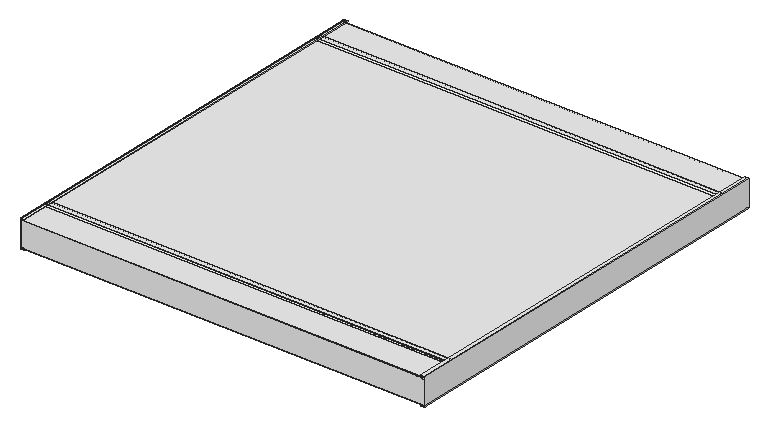
Revit family "STRT4X4", category Lighting Fixtures, host Ceiling, Revit 2019
Family settings
  Host = Ceiling
  Round Connector Dimension = Use Diameter
  Part Type = Normal
  OmniClass Number = 23.80.70.11.14.17
  OmniClass Title = Direct/Indirect
  Always vertical = Yes
  Cut with Voids When Loaded = No
  Light Source = Yes
  Shared = No
  Room Calculation Point = No
Parameters (values of type "STRT4X4-LED840K100LUNV")
  Width = 3' - 11 3/4"
  Wattage = 85.1123 W
  built-in parameter 1150110 = 1 (stored number, unit not read)
  Voltage = 120 V  # constant formula
  URL = "https://viscor.com/products/str"
  built-in parameter 1114217 = 0.9 (stored number, unit not read)
  Tilt Angle = 90.00°
  built-in parameter 1150109 = 1 (stored number, unit not read)
  built-in parameter 1150134 = 12
  built-in parameter 1150113 = 1 (stored number, unit not read)
  Photometric Web File = "STRT4X4-LED840K100LUNV.ies"
  Model = "STR"  # constant formula
  Manufacturer = "VISIONEERING by VISCOR"  # constant formula
  Lumens = 10988 lm
  built-in parameter 1150115 = 1 (stored number, unit not read)
  built-in parameter 1150105 = 874.4 (stored number, unit not read)
  built-in parameter 1150137 = (empty or 0)
  built-in parameter 1150139 = (empty or 0)
  Lens Finish = Polycarbonate - Viscor - Frosted Round
  Length = 3' - 11 3/4"
  Lamp Wattage = 85.1 VA
  built-in parameter 1150112 = 1 (stored number, unit not read)
  built-in parameter 1150114 = 1 (stored number, unit not read)
  Lamp = "LED"  # constant formula
  built-in parameter 1150132 = (empty or 0)
  built-in parameter 1150102 = (empty or 0)
  built-in parameter 1150138 = (empty or 0)
  built-in parameter 1150107 = 4000 (stored number, unit not read)
  built-in parameter 1150106 = 8.744 (stored number, unit not read)
  Housing Finish = Metal - Viscor - White
  Height = 0' - 3 1/8"
  Emit from Rectangle Width = Width  # 3' - 11 3/4"
  Emit from Rectangle Length = Length  # 3' - 11 3/4"
  Emit Shape Visible in Rendering = no
  built-in parameter 1150104 = 11.994 (stored number, unit not read)
  Dimming Lamp Color Temperature Shift = <None>
  Description = "LED Fully Illuminated Backlit Premium Luminaire"  # constant formula
  Color Filter = 16777215
  built-in parameter 1114218 = 1 (stored number, unit not read)
  built-in parameter 1150133 = 10 (stored number, unit not read)
  Assembly Code = "D5020200"
  Apparent Load = Lamp Wattage  # 85.1 VA
Types (8): name | Wattage | Photometric Web File | Lumens | built-in parameter 1150105 | Lamp Wattage | built-in parameter 1150106 | built-in parameter 1150104 | Apparent Load
  (no name) | 85.1123 W | "STRT4X4-LED840K100LUNV.ies" | 10988 lm | 874.4 (stored number, unit not read) | 85.1 VA | 8.744 (stored number, unit not read) | 11.994 (stored number, unit not read) | 85.1 VA
  STRT4x4-LED840K060LUNV | 47.4 W | "STRT4X4-LED840K060LUNV.ies" | 6280.5 lm | 499.79 (stored number, unit not read) | 47.4 VA | 4.9979 (stored number, unit not read) | 12.31 (stored number, unit not read) | 47.4 VA
  STRT4X4-LED840K080LUNV | 61.3206 W | "STRT4X4-LED840K080LUNV.ies" | 8033 lm | 639.25 (stored number, unit not read) | 61.3 VA | 6.3925 (stored number, unit not read) | 12.17 (stored number, unit not read) | 61.3 VA
  STRT4X4-LED840K100LUNV | 85.1123 W | "STRT4X4-LED840K100LUNV.ies" | 10988 lm | 874.4 (stored number, unit not read) | 85.1 VA | 8.744 (stored number, unit not read) | 11.994 (stored number, unit not read) | 85.1 VA
  STRT4X4-LED840K120LUNV | 96.534 W | "STRT4X4-LED840K120LUNV.ies" | 12366 lm | 984.06 (stored number, unit not read) | 96.5 VA | 9.8406 (stored number, unit not read) | 11.901 (stored number, unit not read) | 96.5 VA
  STRT4X4-LED840K130LUNV | 103.636 W | "STRT4X4-LED840K130LUNV.ies" | 13224 lm | 1052.3 (stored number, unit not read) | 103.6 VA | 10.523 (stored number, unit not read) | 11.854 (stored number, unit not read) | 103.6 VA
  STRT4X4-LED840K140LUNV | 110.763 W | "STRT4X4-LED840K140LUNV.ies" | 14078 lm | 1120.3 (stored number, unit not read) | 110.8 VA | 11.203 (stored number, unit not read) | 11.808 (stored number, unit not read) | 110.8 VA
  STRT4X4-LED840K160LUNV | 130.119 W | "STRT4X4-LED840K160LUNV.ies" | 16343 lm | 1300.5 (stored number, unit not read) | 130.1 VA | 13.005 (stored number, unit not read) | 11.669 (stored number, unit not read) | 130.1 VA
Reference planes (in)
  plane 1 "Light Source Axis (F/B)": y = 0
  plane 2 "Ceiling": z = 96
  plane 3 "Light Source Axis (L/R)": x = 0
  plane 4 "Light Source Elevation": z = 92.75
  plane 5: y = 23.875
  plane 6: y = -23.875
  plane 7: x = -23.875
  plane 8: x = 23.875
  plane 9: y = 23.438
  plane 10: y = -23.438
  plane 11: x = -23.84375
  plane 12: x = 23.84375
  plane 13: x = -23.438
  plane 14: x = 23.43775
  plane 15 "DoorFrameBottom": z = 92.875
Forms (in)
  Extrusion 1, solid, material "Metal - Viscor - White" <- "Housing Finish"
    sketch origin (0, 0, 0) x (0, 1, 0) y (0, 0, 1)
      loop
        arc (23.806, 92.875) -> (23.85479, 92.89521) -> (23.875, 92.944) r 0.069
        line (23.875, 92.944) -> (23.875, 95.806)
        arc (23.875, 95.806) -> (23.85479, 95.85479) -> (23.806, 95.875) r 0.069
        line (23.806, 95.875) -> (20.44993, 95.875) -> (20.34426, 95.98067)
        arc (20.34426, 95.98067) -> (20.32285, 95.99498) -> (20.29759, 96) r 0.066
        line (20.29759, 96) -> (19.70241, 96)
        arc (19.70241, 96) -> (19.67715, 95.99498) -> (19.65574, 95.98067) r 0.066
        line (19.65574, 95.98067) -> (19.55007, 95.875) -> (-19.55007, 95.875) -> (-19.65574, 95.98067)
        arc (-19.65574, 95.98067) -> (-19.67715, 95.99498) -> (-19.70241, 96) r 0.066
        line (-19.70241, 96) -> (-20.29759, 96)
        arc (-20.29759, 96) -> (-20.32285, 95.99498) -> (-20.34426, 95.98067) r 0.066
        line (-20.34426, 95.98067) -> (-20.44993, 95.875) -> (-23.806, 95.875)
        arc (-23.806, 95.875) -> (-23.85479, 95.85479) -> (-23.875, 95.806) r 0.069
        line (-23.875, 95.806) -> (-23.875, 92.944)
        arc (-23.875, 92.944) -> (-23.85479, 92.89521) -> (-23.806, 92.875) r 0.069
        line (-23.806, 92.875) -> (-23.506, 92.875)
        arc (-23.506, 92.875) -> (-23.45721, 92.89521) -> (-23.437, 92.944) r 0.069
        line (-23.437, 92.944) -> (-23.437, 93.616)
        arc (-23.437, 93.616) -> (-23.42558, 93.64358) -> (-23.398, 93.655) r 0.039
        line (-23.398, 93.655) -> (-22.85101, 93.655) -> (-22.85101, 93.68625) -> (-23.398, 93.68625)
        arc (-23.398, 93.68625) -> (-23.44767, 93.66567) -> (-23.46825, 93.616) r 0.07025
        line (-23.46825, 93.616) -> (-23.46825, 92.944)
        arc (-23.46825, 92.944) -> (-23.47931, 92.91731) -> (-23.506, 92.90625) r 0.03775
        line (-23.506, 92.90625) -> (-23.806, 92.90625)
        arc (-23.806, 92.90625) -> (-23.83269, 92.91731) -> (-23.84375, 92.944) r 0.03775
        line (-23.84375, 92.944) -> (-23.84375, 95.806)
        arc (-23.84375, 95.806) -> (-23.83269, 95.83269) -> (-23.806, 95.84375) r 0.03775
        line (-23.806, 95.84375) -> (-20.43698, 95.84375) -> (-20.31198, 95.96875) -> (-19.68802, 95.96875) -> (-19.56302, 95.84375) -> (19.56302, 95.84375) -> (19.68802, 95.96875) -> (20.31198, 95.96875) -> (20.43698, 95.84375) -> (23.806, 95.84375)
        arc (23.806, 95.84375) -> (23.83269, 95.83269) -> (23.84375, 95.806) r 0.03775
        line (23.84375, 95.806) -> (23.84375, 92.944)
        arc (23.84375, 92.944) -> (23.83269, 92.91731) -> (23.806, 92.90625) r 0.03775
        line (23.806, 92.90625) -> (23.506, 92.90625)
        arc (23.506, 92.90625) -> (23.47931, 92.91731) -> (23.46825, 92.944) r 0.03775
        line (23.46825, 92.944) -> (23.46825, 93.616)
        arc (23.46825, 93.616) -> (23.44767, 93.66567) -> (23.398, 93.68625) r 0.07025
        line (23.398, 93.68625) -> (22.85101, 93.68625) -> (22.85101, 93.655) -> (23.398, 93.655)
        arc (23.398, 93.655) -> (23.42558, 93.64358) -> (23.437, 93.616) r 0.039
        line (23.437, 93.616) -> (23.437, 92.944)
        arc (23.437, 92.944) -> (23.45721, 92.89521) -> (23.506, 92.875) r 0.069
        line (23.506, 92.875) -> (23.806, 92.875)
    from -23.84375 to 23.84375
  Extrusion 2, solid, material "Metal - Viscor - White" <- "Housing Finish"
    sketch origin (0, 0, 0) x (1, 0, 0) y (0, 0, 1)
      loop
        arc (-23.84375, 95.96875) -> (-23.8346, 95.99085) -> (-23.8125, 96) r 0.03125
        line (-23.8125, 96) -> (-23.438, 96) -> (-23.438, 96.03125) -> (-23.8125, 96.03125)
        arc (-23.8125, 96.03125) -> (-23.85669, 96.01294) -> (-23.875, 95.96875) r 0.0625
        line (-23.875, 95.96875) -> (-23.875, 92.90625)
        arc (-23.875, 92.90625) -> (-23.85669, 92.86206) -> (-23.8125, 92.84375) r 0.0625
        line (-23.8125, 92.84375) -> (-23.438, 92.84375) -> (-23.438, 92.875) -> (-23.8125, 92.875)
        arc (-23.8125, 92.875) -> (-23.8346, 92.88415) -> (-23.84375, 92.90625) r 0.03125
        line (-23.84375, 92.90625) -> (-23.84375, 95.96875)
    from -23.875 to 23.875
  Extrusion 3, solid, material "Metal - Viscor - White" <- "Housing Finish"
    sketch origin (0, 0, 0) x (-1, 0, 0) y (0, 0, -1)
      loop
        line (-23.84375, -95.96875) -> (-23.84375, -92.90625)
        arc (-23.84375, -92.90625) -> (-23.8346, -92.88415) -> (-23.8125, -92.875) r 0.03125
        line (-23.8125, -92.875) -> (-23.438, -92.875) -> (-23.438, -92.84375) -> (-23.8125, -92.84375)
        arc (-23.8125, -92.84375) -> (-23.85669, -92.86206) -> (-23.875, -92.90625) r 0.0625
        line (-23.875, -92.90625) -> (-23.875, -95.96875)
        arc (-23.875, -95.96875) -> (-23.85669, -96.01294) -> (-23.8125, -96.03125) r 0.0625
        line (-23.8125, -96.03125) -> (-23.438, -96.03125) -> (-23.438, -96) -> (-23.8125, -96)
        arc (-23.8125, -96) -> (-23.8346, -95.99085) -> (-23.84375, -95.96875) r 0.03125
    from -23.875 to 23.875
  Extrusion 4, solid, material "Metal - Viscor - White" <- "Housing Finish"
    sketch origin (0, 0, 92.875) x (0, 1, 0) y (-1, 0, 0)
      loop
        line (-23.38722, 23.38722) -> (-23.38722, -23.38722) -> (23.38722, -23.38722) -> (23.38722, 23.38722) -> (-23.38722, 23.38722)
      loop
        line (-22.88722, 22.88722) -> (-22.88722, -22.88722) -> (22.88722, -22.88722) -> (22.88722, 22.88722) -> (-22.88722, 22.88722)
    from 0 to 0.5
  Extrusion 5, solid, material "Polycarbonate - Viscor - Frosted Round" <- "Lens Finish"
    sketch origin (0, 0, 0) x (0, 1, 0) y (0, 0, 1)
      loop
        line (23.25, 92.921) -> (23.25, 93.016) -> (-23.19444, 93.016) -> (-23.19444, 92.921) -> (23.25, 92.921)
    from -23.438 to 23.43775
Dimensions and locks (in)
  equal spacing: host sketch curve, plane 3 "Light Source Axis (L/R)", host sketch curve
  equal spacing: host sketch curve, plane 1 "Light Source Axis (F/B)", host sketch curve
  host sketch curve to host sketch curve = 10' - 0"  (x2)
  equal spacing: plane 7, plane 3 "Light Source Axis (L/R)", plane 8
  equal spacing: plane 5, plane 1 "Light Source Axis (F/B)", plane 6
  plane 9 to plane 5 = 0' - 0.437"
  locked: plane 12 to plane 8 at 0.03125
  locked: plane 13 to plane 7 at 0.437
  locked: plane 14 to plane 12 at 0.406
  "Length": plane 7 to plane 8
  "Width": plane 5 to plane 6
  plane 7 to plane 11 to plane 13 = 0' - 0 1/32", 0' - 0.40575"
  plane 6 to plane 10 to plane 1 "Light Source Axis (F/B)" = 0' - 0.437" locked, 1' - 11.438"
  "Height": plane 2 "Ceiling" to plane 15 "DoorFrameBottom"
  aligned and locked: plane 3 "Light Source Axis (L/R)" to imposter light
  aligned and locked: plane 1 "Light Source Axis (F/B)" to imposter light
  aligned and locked: plane 4 "Light Source Elevation" to imposter light
  aligned and locked: Extrusion 1 to plane 11
  aligned and locked: Extrusion 1 to plane 12
  aligned and locked: Extrusion 2 to plane 6
  aligned and locked: plane 5 to Extrusion 2
  aligned and locked: Extrusion 3 to plane 6
  aligned and locked: plane 5 to Extrusion 3
  aligned and locked: Extrusion 5 to plane 13
  aligned and locked: Extrusion 5 to plane 14
Automatic sketch dimensions
  Extrusion 1 sketch curve to Extrusion 1 sketch curve = 0' - 0"  (x16)
  Extrusion 1 sketch curve to plane 6 = 0' - 0"
  Extrusion 1 sketch curve to plane 15 "DoorFrameBottom" = 0' - 0"  (x2)
  Extrusion 1 sketch curve to plane 2 "Ceiling" = 0' - 0"  (x2)
  Extrusion 1 sketch curve to plane 5 = 0' - 0"
  Extrusion 1 sketch curve to Extrusion 1 sketch curve = 0' - 0 1/32"
  plane 6 to Extrusion 1 sketch curve = 0' - 0.069"
  Extrusion 1 sketch curve to Extrusion 1 sketch curve = 0' - 0.03775"  (x3)
  Extrusion 1 sketch curve to plane 10 = 0' - 0.068"
  Extrusion 1 sketch curve to plane 10 = 0' - 0.03025"
  Extrusion 1 sketch curve to Extrusion 1 sketch curve = 0' - 0.039"
  Extrusion 1 sketch curve to Extrusion 1 sketch curve = 0' - 0.54699"
  Extrusion 1 sketch curve to plane 2 "Ceiling" = 0' - 0 1/8"  (x3)
  plane 10 to Extrusion 1 sketch curve = 0' - 2.98807"
  Extrusion 1 sketch curve to Extrusion 1 sketch curve = 0' - 0.01294"  (x4)
  Extrusion 1 sketch curve to plane 2 "Ceiling" = 0' - 0.01933"  (x4)
  Extrusion 1 sketch curve to Extrusion 1 sketch curve = 0' - 0.10567"  (x2)
  Extrusion 1 sketch curve to plane 2 "Ceiling" = 0' - 0 1/32"  (x2)
  Extrusion 1 sketch curve to Extrusion 1 sketch curve = 0' - 0.03228"  (x2)
  Extrusion 1 sketch curve to Extrusion 1 sketch curve = 0' - 0.01439"  (x4)
  Extrusion 1 sketch curve to plane 2 "Ceiling" = 0' - 0.066"  (x2)
  Extrusion 1 sketch curve to Extrusion 1 sketch curve = 0' - 0.59518"  (x2)
  Extrusion 1 sketch curve to plane 2 "Ceiling" = 0' - 0 5/32"  (x2)
  Extrusion 1 sketch curve to Extrusion 1 sketch curve = 0' - 0.09272"  (x2)
  Extrusion 1 sketch curve to plane 9 = 0' - 3.88793"
  Extrusion 1 sketch curve to plane 9 = 0' - 0.58699"
  Extrusion 1 sketch curve to plane 9 = 0' - 0.04"
  Extrusion 1 sketch curve to plane 9 = 0' - 0.001"
  Extrusion 1 sketch curve to plane 5 = 0' - 0.069"
  Extrusion 1 sketch curve to Extrusion 1 sketch curve = 0' - 0.672"  (x2)
  Extrusion 2 sketch curve to Extrusion 2 sketch curve = 0' - 0"  (x4)
  Extrusion 2 sketch curve to plane 7 = 0' - 0"
  Extrusion 2 sketch curve to plane 11 = 0' - 0"
  Extrusion 2 sketch curve to plane 15 "DoorFrameBottom" = 0' - 0"
  Extrusion 2 sketch curve to plane 2 "Ceiling" = 0' - 0"
  Extrusion 2 sketch curve to plane 13 = 0' - 0"  (x2)
  plane 11 to Extrusion 2 sketch curve = 0' - 0 1/32"  (x2)
  Extrusion 3 sketch curve to Extrusion 3 sketch curve = 0' - 0"  (x4)
  Extrusion 3 sketch curve to plane 8 = 0' - 0"
  Extrusion 3 sketch curve to plane 12 = 0' - 0"
  Extrusion 3 sketch curve to plane 15 "DoorFrameBottom" = 0' - 0"
  Extrusion 3 sketch curve to plane 2 "Ceiling" = 0' - 0"
  Extrusion 3 sketch curve to Extrusion 3 sketch curve = 0' - 0 1/32"
  plane 12 to Extrusion 3 sketch curve = 0' - 0 1/32"
  Extrusion 3 sketch curve to plane 14 = 0' - 0.00025"  (x2)
  plane 10 to Extrusion 4 sketch curve = 0' - 0 13/256"
  plane 10 to Extrusion 4 sketch curve = 0' - 0 141/256"
  Extrusion 4 sketch curve to plane 9 = 0' - 0 141/256"
  Extrusion 4 sketch curve to plane 9 = 0' - 0 13/256"
  Extrusion 4 sketch curve to plane 14 = 0' - 0.05053"
  Extrusion 4 sketch curve to plane 14 = 0' - 0.55053"
  plane 13 to Extrusion 4 sketch curve = 0' - 0 141/256"
  plane 13 to Extrusion 4 sketch curve = 0' - 0 13/256"
  plane 15 "DoorFrameBottom" to Extrusion 5 sketch curve = 0' - 0.046"
  plane 10 to Extrusion 5 sketch curve = 0' - 0.24356"
  Extrusion 5 sketch curve to plane 9 = 0' - 0.188"
  Extrusion 5 sketch curve to Extrusion 5 sketch curve = 0' - 0.095"
Connectors (in)
  electrical at (0, 0, 92.75), driven by "Voltage", driven by "Lamp Wattage"
    settings: index 2, voltage 120 V, apparent load 0 VA, apparent load phase1 85.1 VA, apparent load phase2 0 VA, apparent load phase3 0 VA, power factor 1, load classification "Other", number of poles 1, system type 31, power factor state 1, is connector primary yes, connector utility no, sub classification motor no, connector description ""
